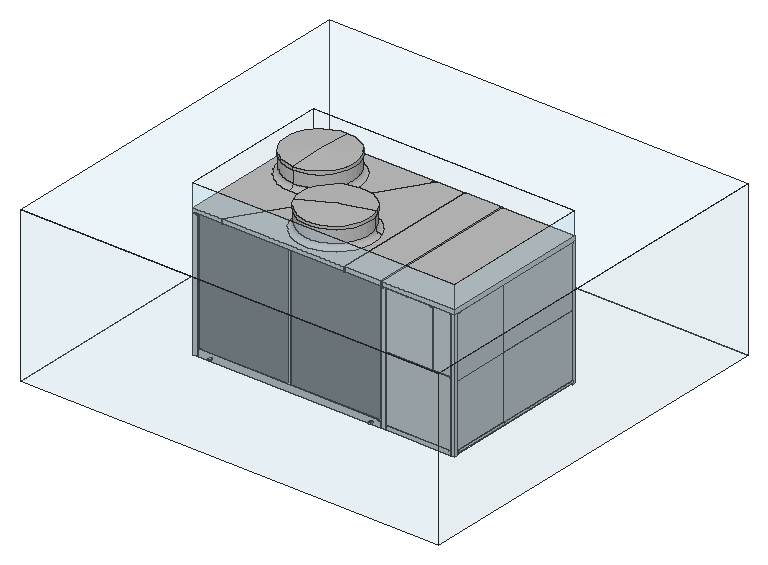
Revit family "VIESSMANN - Energycal AWH Pro AT 75-180", category Wyposażenie mechaniczne, Revit 2017
Family settings
  Wymiar okrągłego złącza = Użyj średnicy
  Typ części = Normalny
  Numer OmniClass = 23.75.10.21.11
  Tytuł OmniClass = Air-Source Heat Pumps
  Oparty na płaszczyźnie roboczej = Nie
  Zawsze pionowo = Tak
  Tnij formami wycięć po wczytaniu = Nie
  Współdzielony = Nie
  Punkt obliczania pomieszczeń = Nie
Parameters (values of type "Wielkość jednostki - 70")
  Zasilanie pomocnicze (V/ph/Hz) = "230/1N~/50+5%"
  Zasilanie elektryczne (V/ph/Hz) = "400/3N~/50+5%"
  Wysokość = 1958 mm
  Współczynnik mocy = 1  # constant formula
  Współczynnik efektywności [COP] (A7W45) = 3.45
  Viessmann Kolor 2 = Viessmann Kolor 3
  Viessmann Kolor 1 = Viessmann Kolor 2
  URL = "https://www.viessmann-projektant.pl/baza-urzadzen/pompy-ciepla-powietrzewoda-agregaty-wl-50-kw/energycal"
  Tył = 1654 mm
  Typ wymiennika po stronie grzewczej = "Plate exchanger"
  Typ wentylatora = "Osiowy"  # constant formula
  Typ sprężarki = "Reciprocating"
  TYP = AWH PRO AT EVO 75-125 : AWH PRO AT EVO 75-125
  Szerokość = 3312 mm
  Strefa serwisowa_wysokość = 1958 mm
  Strefa serwisowa_tył = 1000 mm
  Strefa serwisowa_szerokość = 1500 mm  # constant formula
  Strefa serwisowa_przód = 1000 mm
  Strefa serwisowa [instance] = yes
  Stopień wydajności = "4"
  Spadek ciśnienia wody (A7W45) = 17.0 kPa
  SCOP = 3.03
  Prąd nominalny wentylatora = 3.9 A  # constant formula
  Prąd nominalny silnika pompy obiegowej = 2.45 A
  Przód = 1671 mm
  Przepływ powietrza = 38500.0 m³/h
  Producent = "Viessmann Sp. z o.o"  # constant formula
  Połączenia hydrauliczne = 2"
  Poziom mocy akustycznej dB(A) = 91 mm
  Poziom mocy akustycznej - wersja super cicha SLN dB(A) = 87 mm
  Poziom mocy akustycznej - wersja cicha LN dB(A) = 89 mm
  Poziom ciśnienia akustycznego dB(A) = 59 mm
  Poziom ciśnienia akustycznego - wersja super cicha SLN dB(A) = 55 mm
  Poziom ciśnienia akustycznego - wersja cicha LN dB(A) = 57 mm
  Pojemność zbiornika buforowego = 250.00 m³
  Pobór mocy elektrycznej (A7W45) = 21.8 kW
  Opis = "Energycal AWH Pro AT to typoszereg wysokotemperaturowych pomp ciepła z czynnikiem chłodniczym R134a lub R513A osiągających na zasilaniu temperatury wody do 80°C."
  Obciążenie pozorne = Maksymalna moc pobierania / Współczynnik mocy  # 41000 VA
  Nominalna moc pompy = 1.4 kW
  Nominalna moc grzewcza (A7W45) = 75.2 kW
  Natężenie przepływu wody (A7W45) l/h = 12913
  Natężenie przepływu wody (A7W45) = [Natężenie przepływu wody (A7W45) l/h] / 3600 * 1.0 L/s  # 3.58694 L/s
  Napięcie zasilania = 400 V
  Naczynie wzbiorcze = 18.00 m³
  Model = "Powietrzna pompa ciepła Energycal AWH PRO AT / Air-water heat pump Energycal AWH PRO AT "  # constant formula
  Moc nominalna wentylatora = 1.6 kW  # constant formula
  Moc nominalna silnika pompy obiegowej = 1.35 kW
  Maksymalny prąd rozruchowy = 185.8 A
  Maksymalny pobór prądu = 98.8 A
  Maksymalna moc pobierania = 41 kW
  Liczba wentylatorów = 2
  Liczba biegunów = 3  # constant formula
  Klasa energetyczna = "A+"
  Ilość/Obiegi chłodnicze sprężarki (nr/nr) = "2/2"
  Głębokość = 1920 mm
  Efektywność sezonowa ηs = "118%"
  Częstotliwość = 50 Hz  # constant formula
  Ciśnienie podnoszenia pompy (A7W45) = 154.0 kPa
  Całkowite napełnienie olejem = 4.80 kg
  Całkowite napełnienie czynnikiem chłodniczym = 27.00 kg
  Autor = "www.archispace.pl"
Types (7, lengths in mm): name | Współczynnik efektywności [COP] (A7W45) | Tył | TYP | Szerokość | Spadek ciśnienia wody (A7W45) | SCOP | Prąd nominalny silnika pompy obiegowej | Przód | Przepływ powietrza | Połączenia hydrauliczne | Poziom mocy akustycznej dB(A) | Poziom mocy akustycznej - wersja super cicha SLN dB(A) | Poziom mocy akustycznej - wersja cicha LN dB(A) | Poziom ciśnienia akustycznego dB(A) | Poziom ciśnienia akustycznego - wersja super cicha SLN dB(A) | Poziom ciśnienia akustycznego - wersja cicha LN dB(A) | Pojemność zbiornika buforowego | Pobór mocy elektrycznej (A7W45) | Obciążenie pozorne | Nominalna moc pompy | Nominalna moc grzewcza (A7W45) | Natężenie przepływu wody (A7W45) l/h | Natężenie przepływu wody (A7W45) | Moc nominalna silnika pompy obiegowej | Maksymalny prąd rozruchowy | Maksymalny pobór prądu | Maksymalna moc pobierania | Liczba wentylatorów | Klasa energetyczna | Efektywność sezonowa ηs | Ciśnienie podnoszenia pompy (A7W45) | Całkowite napełnienie olejem | Całkowite napełnienie czynnikiem chłodniczym
  (no name) | 3.45 | 1654 | AWH PRO AT EVO 75-125 : AWH PRO AT EVO 75-125 | 3312 | 17.0 kPa | 3.03 | 2.45 A | 1671 | 38500.0 m³/h | 2" | 91 | 87 | 89 | 59 | 55 | 57 | 250.00 m³ | 21.8 kW | 41000 VA | 1.4 kW | 75.2 kW | 12913 | 3.58694 L/s | 1.35 kW | 185.8 A | 98.8 A | 41 kW | 2 | "A+" | "118%" | 154.0 kPa | 4.80 kg | 27.00 kg
  Wielkość jednostki - 70 | 3.45 | 1654 | AWH PRO AT EVO 75-125 : AWH PRO AT EVO 75-125 | 3312 | 17.0 kPa | 3.03 | 2.45 A | 1671 | 38500.0 m³/h | 2" | 91 | 87 | 89 | 59 | 55 | 57 | 250.00 m³ | 21.8 kW | 41000 VA | 1.4 kW | 75.2 kW | 12913 | 3.58694 L/s | 1.35 kW | 185.8 A | 98.8 A | 41 kW | 2 | "A+" | "118%" | 154.0 kPa | 4.80 kg | 27.00 kg
  Wielkość jednostki - 85 | 3.45 | 1654 | AWH PRO AT EVO 75-125 : AWH PRO AT EVO 75-125 | 3312 | 23.0 kPa | 3.02 | 3.15 A | 1671 | 40100.0 m³/h | 2" | 91 | 87 | 89 | 59 | 55 | 57 | 250.00 m³ | 21.8 kW | 49800 VA | 1.8 kW | 75.2 kW | 15347 | 4.26306 L/s | 1.73 kW | 188.8 A | 104.8 A | 49.8 kW | 2 | "A+" | "117.8 %" | 180.0 kPa | 4.80 kg | 27.00 kg
  Wielkość jednostki - 105 | 3.47 | 1655 | AWH PRO AT EVO 75-125 : AWH PRO AT EVO 75-125 | 3312 | 22.0 kPa | 2.95 | 3.15 A | 1655 | 40000.0 m³/h | 2" | 92 | 88 | 90 | 60 | 56 | 58 | 250.00 m³ | 31.6 kW | 59200 VA | 1.8 kW | 109.7 kW | 18982 | 5.27278 L/s | 1.73 kW | 237.8 A | 128.8 A | 59.2 kW | 2 | "A+" | "115.1 %" | 154.0 kPa | 9.50 kg | 33.00 kg
  Wielkość jednostki - 125 | 3.48 | 1655 | AWH PRO AT EVO 75-125 : AWH PRO AT EVO 75-125 | 3312 | 18.0 kPa | 3.21 | 4.53 A | 1670 | 42800.0 m³/h | 2" | 92 | 88 | 90 | 60 | 56 | 58 | 250.00 m³ | 36.4 kW | 70100 VA | 2.5 kW | 126.7 kW | 21942 | 6.095 L/s | 2.45 kW | 243.8 A | 140.8 A | 70.1 kW | 2 | "A++" | "125.6 %" | 170.0 kPa | 9.50 kg | 33.00 kg
  Wielkość jednostki - 145 | 3.19 | 1657 | AWH PRO AT EVO 145-180 : AWH PRO AT EVO 145-180 | 4410 | 19.0 kPa | 2.88 | 4.53 A | 2756 | 91100.0 m³/h | 2 1/2" | 93 | 89 | 91 | 61 | 57 | 59 | 450.00 m³ | 44.9 kW | 85900 VA | 2.5 kW | 143 kW | 24765 | 6.87917 L/s | 2.45 kW | 281.1 A | 167.6 A | 85.9 kW | 4 | "A+" | "112.4 %" | 156.0 kPa | 9.50 kg | 38.00 kg
  Wielkość jednostki - 180 | 3.41 | 1657 | AWH PRO AT EVO 145-180 : AWH PRO AT EVO 145-180 | 4410 | 21.0 kPa | 3.04 | 6.33 A | 2756 | 92500.0 m³/h | 2 1/2" | 93 | 89 | 91 | 61 | 57 | 59 | 450.00 m³ | 49.2 kW | 96700 VA | 3 kW | 167.7 kW | 29038 | 8.06611 L/s | 3 kW | 343.3 A | 203.6 A | 96.7 kW | 4 | "A+" | "118.6 %" | 185.0 kPa | 9.50 kg | 38.00 kg
Reference planes
  plane 1 "Środek (Przód/Tył)": y = 0
  plane 2: z = 0
  plane 3 "Środek (Lewa/Prawa)": x = 0
  plane 4: z = 1958
  plane 5: y = 1500
  plane 6: y = -1920
  plane 7: y = -3420
  plane 8: x = -1671
  plane 9: x = 2657
  plane 10: y = 1500
  plane 11: y = -3420
  plane 12: x = -1471
  plane 13: x = -1671
  plane 14: x = -1471
  plane 15: x = 1455
  plane 16: x = 1655
Forms (mm)
  Extrusion 1, solid, material "Viessmann Strefy Serwisowe", visible <- "Strefa serwisowa"
    sketch origin (0, 0, 0) x (0, 1, 0) y (0, 0, 1)
      loop
        line (1500, 1958) -> (0, 1958) -> (0, 0) -> (1500, 0) -> (1500, 1958)
      loop
        line (-3420, 0) -> (-1920, 0) -> (-1920, 1958) -> (-3420, 1958) -> (-3420, 0)
    from -1671 to 1657
  Extrusion 2, solid, material "Viessmann Strefy Serwisowe", visible <- "Strefa serwisowa"
    sketch origin (0, 0, 0) x (1, 0, 0) y (0, 1, 0)
      loop
        line (-1671, 1500) -> (-2671, 1500) -> (-2671, -3420) -> (-1671, -3420) -> (-1671, 1500)
      loop
        line (1655, 1500) -> (1655, -3420) -> (2657, -3420) -> (2657, 1500) -> (1655, 1500)
    from 0 to 1958
  Extrusion 3, solid, not visible
    sketch origin (0, 0, 0) x (0, 1, 0) y (0, 0, 1)
      loop
        circle (-604, 1437) r 45
      loop
        circle (-604, 1047) r 45
      loop
        circle (-604, 241) r 45
    from -1471 to -1671
  Extrusion 4, solid, not visible
    sketch origin (0, 0, 0) x (0, 1, 0) y (0, 0, 1)
      loop
        circle (-960, 1107.75) r 60
      loop
        circle (-960, 716.632) r 60
    from 1455 to 1655
Cuts and joins
  joined: Extrusion 1, Extrusion 2
Dimensions and locks
  "Wysokość": plane 4 to level
  locked: plane 5 to plane 1 "Środek (Przód/Tył)" at 1500
  locked: plane 6 to plane 7 at 1500
  "Głębokość": plane 1 "Środek (Przód/Tył)" to plane 6
  "Głębokość": plane 6 to plane 1 "Środek (Przód/Tył)"
  "Przód": plane 8 to plane 3 "Środek (Lewa/Prawa)"
  plane 11 to plane 6 = 1500 mm
  plane 1 "Środek (Przód/Tył)" to plane 10 = 1500 mm
  plane 4 to level = 1958 mm
  locked: plane 12 to plane 8 at 200
  plane 14 to plane 13 = 200 mm
  plane 13 to plane 8 = 0 mm
  locked: plane 16 to plane 15 at 200
  aligned and locked: level to plane 2
  aligned and locked: Extrusion 1 sketch curve to plane 4
  aligned and locked: Extrusion 1 sketch curve to plane 5
  aligned and locked: Extrusion 1 sketch curve to level
  aligned and locked: plane 7 to Extrusion 1 sketch curve
  aligned and locked: plane 8 to Extrusion 1
  aligned and locked: plane 8 to Extrusion 2 sketch curve
  aligned and locked: Extrusion 2 sketch curve to plane 9
  aligned and locked: plane 1 "Środek (Przód/Tył)" to cut or joined group of Extrusion 1, Extrusion 2
  aligned and locked: cut or joined group of Extrusion 1, Extrusion 2 to plane 6
  aligned and locked: plane 8 to Extrusion 3
  aligned and locked: plane 12 to Extrusion 3
  aligned and locked: Extrusion 4 to plane 15
  aligned and locked: plane 16 to cut or joined group of Extrusion 1, Extrusion 2
  aligned and locked: plane 16 to Extrusion 4
Automatic sketch dimensions
  Extrusion 2 sketch curve to plane 5 = 0 mm
  Extrusion 2 sketch curve to plane 7 = 0 mm
  plane 5 to Extrusion 2 sketch curve = 0 mm
  plane 7 to Extrusion 2 sketch curve = 0 mm
  Extrusion 1 sketch curve to plane 4 = 0 mm
  Extrusion 1 sketch curve to plane 6 = 0 mm
  Extrusion 1 sketch curve to plane 1 "Środek (Przód/Tył)" = 0 mm
  level to Extrusion 1 sketch curve = 0 mm
  plane 1 "Środek (Przód/Tył)" to Extrusion 3 sketch curve = 604 mm  (x2)
  Extrusion 3 sketch curve to plane 4 = 521 mm
  Extrusion 3 sketch curve to Extrusion 3 sketch curve = 45 mm  (x3)
  Extrusion 3 sketch curve to Extrusion 3 sketch curve = 0 mm
  Extrusion 3 sketch curve to Extrusion 3 sketch curve = 390 mm
  Extrusion 2 sketch curve to plane 8 = 1000 mm
  level to Extrusion 3 sketch curve = 241 mm
  plane 1 "Środek (Przód/Tył)" to Extrusion 4 sketch curve = 960 mm
  Extrusion 4 sketch curve to Extrusion 4 sketch curve = 0 mm
  level to Extrusion 4 sketch curve = 716.632 mm
  Extrusion 4 sketch curve to Extrusion 4 sketch curve = 391.118 mm
  plane 15 to Extrusion 2 sketch curve = 200 mm
  radius of Extrusion 4 sketch curve = 60 mm  (x2)
Nested families
  nested 1: "AWH PRO AT EVO 75-125" at (0, 30, 0), type <- "TYP", type "AWH PRO AT EVO 75-125"
Connectors
  piping at (-1671, -604, 1437), diameter 50.8, driven by "Połączenia hydrauliczne", driven by "Natężenie przepływu wody (A7W45)"
    settings: on Extrusion 3, index 1, connector inside diameter 24", connector length 0 mm, flow factor 0, pipe flow 3.58694 L/s, pressure drop 0.0 Pa, fitting loss kfactor 0, connector angle 0.00°, fixture units 0, engagement length 0 mm, angle of deflection 0.00°, flow configuration 1, flow direction 2, fitting loss method 0, system type 7, joint type 0, gender type 0, connector reference index -1, connector utility 0, adjustable connector no, is connector primary yes, connector description ""
  piping at (-1671, -604, 1047), diameter 50.8, driven by "Połączenia hydrauliczne", driven by "Natężenie przepływu wody (A7W45)"
    settings: on Extrusion 3, index 2, connector inside diameter 24", connector length 0 mm, flow factor 0, pipe flow 3.58694 L/s, pressure drop 0.0 Pa, fitting loss kfactor 0, connector angle 0.00°, fixture units 0, engagement length 0 mm, angle of deflection 0.00°, flow configuration 1, flow direction 2, fitting loss method 0, system type 7, joint type 0, gender type 0, connector reference index -1, connector utility 0, adjustable connector no, is connector primary no, connector description ""
  piping at (-1671, -604, 241), diameter 50.8, driven by "Połączenia hydrauliczne", driven by "Natężenie przepływu wody (A7W45)"
    settings: on Extrusion 3, index 3, connector inside diameter 24", connector length 0 mm, flow factor 0, pipe flow 3.58694 L/s, pressure drop 0.0 Pa, fitting loss kfactor 0, connector angle 0.00°, fixture units 0, engagement length 0 mm, angle of deflection 0.00°, flow configuration 1, flow direction 1, fitting loss method 0, system type 8, joint type 0, gender type 0, connector reference index -1, connector utility 0, adjustable connector no, is connector primary no, connector description ""
  electrical at (1655, -960, 1107.75)
    settings: on Extrusion 4, index 4, voltage 0 V, apparent load 0 VA, apparent load phase1 0 VA, apparent load phase2 0 VA, apparent load phase3 0 VA, power factor 1, load classification "Inne", number of poles 1, system type 13, power factor state 1, is connector primary yes, connector utility no, sub classification motor no, connector description ""
  electrical at (1655, -960, 716.632), driven by "Współczynnik mocy", driven by "Napięcie zasilania", driven by "Obciążenie pozorne", driven by "Liczba biegunów", driven by "Obciążenie pozorne"
    settings: on Extrusion 4, index 5, voltage 400 V, apparent load 41000 VA, apparent load phase1 41000 VA, apparent load phase2 0 VA, apparent load phase3 0 VA, power factor 1, load classification "Moc", number of poles 3, system type 30, power factor state 1, is connector primary no, connector utility no, sub classification motor no, connector description ""
Definition of nested family "AWH PRO AT EVO 75-125"
  Parameters
    Wysokość = 1957 mm
    URL = ""
    Szerokość = 1920 mm
    Manufacturer = ""
    Podłączenie Uout wysokość = 1437 mm
    Podłączenie B Uin wysokość = 241 mm
    Podłączenie A Uin wysokość = 1047 mm
    Description = ""
    Model = ""
    Materiał2 = none
    Materiał = none
    Długość = 3310 mm
  Reference planes
    plane 1 "Środek (Przód/Tył)": y = -30
    plane 2: z = 0
    plane 3 "Środek (Lewa/Prawa)": x = 0
    plane 4: y = -1950
    plane 5: z = 1675
    plane 6: x = 1655
    plane 7: x = -1655
    plane 8: x = -1615
    plane 9: x = 1615
    plane 10: z = 1957
    plane 11: y = -615.668
    plane 12: y = -1393.311
  Forms (mm)
    Extrusion 1, solid, material <- "Materiał", detail levels fine
      sketch origin (0, -734, 0) x (1, 0, 0) y (0, 1, 0)
        loop
          line (-1671, 704) -> (-1671, -1216) -> (1655, -1216) -> (1655, 704) -> (-1671, 704)
      from 0 to 1675
    Extrusion 2, void
      sketch origin (0, -734, 0) x (1, 0, 0) y (0, 1, 0)
        loop
          line (1655, 664) -> (-1655, 664) -> (-1655, -1176) -> (1655, -1176) -> (1655, 664)
      from 0 to 20
    Extrusion 3, solid, material <- "Materiał", detail levels coarse
      sketch origin (0, 0, 0) x (1, 0, 0) y (0, 1, 0)
        loop
          line (-1655, -30) -> (-1655, -1950) -> (1655, -1950) -> (1655, -30) -> (-1655, -30)
      from 0 to 1675
    Extrusion 4, solid, material <- "Materiał", detail levels medium
      sketch origin (0, -30, 0) x (1, 0, 0) y (0, 0, 1)
        loop
          line (-1655, 1675) -> (-1655, 0) -> (1655, 0) -> (1655, 1675) -> (-1655, 1675)
      from 0 to 1920
    Extrusion 5, void
      sketch origin (1375.5, -1104, 0) x (0, 1, 0) y (0, 0, 1)
        loop
          line (1074, 1614.991) -> (1074, 1621.991) -> (-846, 1621.991) -> (-846, 1614.991) -> (-806, 1614.991) -> (-806, 843) -> (-806, 50.017) -> (-806, 0) -> (-799, 0) -> (-799, 50.017) -> (-66, 50.017) -> (1027, 50.017) -> (1027, 0) -> (1034, 0) -> (1034, 57.017) -> (1034, 843) -> (1034, 1614.991) -> (1074, 1614.991)
        loop
          line (1027, 1614.991) -> (-66, 1614.991) -> (-66, 850) -> (1027, 850) -> (1027, 1614.991)
        loop
          line (1027, 843) -> (-66, 843) -> (-66, 57.017) -> (1027, 57.017) -> (1027, 843)
        loop
          line (-73, 850) -> (-73, 1614.991) -> (-799, 1614.991) -> (-799, 850) -> (-73, 850)
        loop
          line (-73, 57.017) -> (-73, 843) -> (-799, 843) -> (-799, 57.017) -> (-73, 57.017)
      from 276.965 to 279.5
    Extrusion 6, void
      sketch origin (0, -30, 0) x (1, 0, 0) y (0, 0, 1)
        loop
          line (720.82, 1621.991) -> (-1605, 1621.991) -> (-1605, 90.017) -> (720.82, 90.017) -> (720.82, 1621.991)
      from 1900 to 1920
    Extrusion 7, solid, material <- "Materiał2", detail levels fine
      sketch origin (0, -1238, 0) x (1, 0, 0) y (0, 0, -1)
        loop
          line (-1605, -1621.991) -> (720.82, -1621.991) -> (720.82, -90.017) -> (-1605, -90.017) -> (-1605, -1621.991)
      from 1188 to 1204
    Extrusion 8, void
      sketch origin (677.48, 345.98, 0) x (1, 0, 0) y (0, 0, 1)
        loop
          line (103.34, 7) -> (103.34, 1614.991) -> (50.34, 1614.991) -> (50.34, 895) -> (50.34, 7) -> (103.34, 7)
        loop
          line (935, 0) -> (935, 1614.991) -> (977.448, 1614.991) -> (977.448, 1621.991) -> (43.34, 1621.991) -> (43.34, 90.017) -> (-2282.48, 90.017) -> (-2282.48, 1621.991) -> (-2332.48, 1621.991) -> (-2332.48, 1614.991) -> (-2289.48, 1614.991) -> (-2289.48, 0) -> (-2282.48, 0) -> (-2282.48, 83.017) -> (43.34, 83.017) -> (43.34, 0) -> (80.34, 0) -> (110.34, 0) -> (110.34, 50.017) -> (928, 50.017) -> (928, 0) -> (935, 0)
        loop
          line (928, 1614.991) -> (110.34, 1614.991) -> (110.34, 895) -> (928, 895) -> (928, 1614.991)
        loop
          line (928, 888) -> (110.34, 888) -> (110.34, 57.017) -> (928, 57.017) -> (928, 888)
      from 375.98 to 378.5
    Extrusion 9, solid, material <- "Materiał", detail levels fine
      sketch origin (0, 0, 0) x (0, 1, 0) y (0, 0, 1)
        loop
          circle (-634, 241) r 45
        loop
          circle (-634, 1437) r 45
        loop
          circle (-634, 1047) r 45
      from -1680.857 to -1671
    Extrusion 10, void
      sketch origin (0, -1230.786, 0) x (1, 0, 0) y (0, 0, -1)
        loop
          line (720.82, -1621.991) -> (720.82, -90.017) -> (-1605, -90.017) -> (-1605, -1621.991) -> (720.82, -1621.991)
      from 1180.923 to 1200.923
    Extrusion 11, solid, material <- "Materiał", detail levels fine
      sketch origin (0, 0, 0) x (1, 0, 0) y (0, 1, 0)
        loop
          line (-427.09, -49.862) -> (-427.09, -32.52) -> (-457.09, -32.52) -> (-457.09, -49.862) -> (-427.09, -49.862)
        loop
          line (-427.09, -1930.138) -> (-457.09, -1930.138) -> (-457.09, -1947.48) -> (-427.09, -1947.48) -> (-427.09, -1930.138)
      from 90.017 to 1621.991
    Extrusion 12, void
      sketch origin (-275.5, -1104, 0) x (0, 1, 0) y (0, 0, -1)
        loop
          line (-806, 0) -> (-806, -1614.991) -> (-846, -1614.991) -> (-846, -1621.991) -> (1074, -1621.991) -> (1074, -1614.991) -> (1034, -1614.991) -> (1034, 0) -> (1027, 0) -> (1027, -50.017) -> (519.076, -50.017) -> (519.076, -20) -> (419.076, -20) -> (419.076, -50.017) -> (-191.076, -50.017) -> (-191.076, -20) -> (-291.076, -20) -> (-291.076, -50.017) -> (-799, -50.017) -> (-799, 0) -> (-806, 0)
        loop
          line (1027, -1614.991) -> (1027, -57.017) -> (519.076, -57.017) -> (519.076, -1614.991) -> (1027, -1614.991)
        loop
          line (-799, -57.017) -> (-799, -1614.991) -> (-291.076, -1614.991) -> (-291.076, -57.017) -> (-799, -57.017)
        loop
          line (419.076, -1614.991) -> (419.076, -57.017) -> (-191.076, -57.017) -> (-191.076, -1614.991) -> (419.076, -1614.991)
      from 1393 to 1395.5
    Extrusion 13, solid, material <- "Materiał2", detail levels fine
      sketch origin (0, -740, 0) x (1, 0, 0) y (0, 0, 1)
        loop
          line (-1605, 1621.991) -> (-1605, 90.017) -> (720.82, 90.017) -> (720.82, 1621.991) -> (-1605, 1621.991)
      from 1190 to 1206
    Extrusion 14, solid, material <- "Materiał", detail levels fine
      sketch origin (0, -1950, 0) x (1, 0, 0) y (0, 0, -1)
        loop
          circle (-1443.46, -29.398) r 15
        loop
          circle (597.54, -29.398) r 15
      from -26 to 0.02
    Extrusion 15, void
      sketch origin (677.48, -2295.299, 0) x (1, 0, 0) y (0, 0, -1)
        loop
          line (103.34, -7) -> (50.34, -7) -> (50.34, -895) -> (50.34, -1614.991) -> (103.34, -1614.991) -> (103.34, -7)
        loop
          line (935, 0) -> (928, 0) -> (928, -50.017) -> (110.34, -50.017) -> (110.34, 0) -> (80.34, 0) -> (43.34, 0) -> (43.34, -83.017) -> (-2282.48, -83.017) -> (-2282.48, 0) -> (-2289.48, 0) -> (-2289.48, -1614.991) -> (-2348.48, -1614.991) -> (-2348.48, -1621.991) -> (-2282.48, -1621.991) -> (-2282.48, -90.017) -> (43.34, -90.017) -> (43.34, -1621.991) -> (977.448, -1621.991) -> (977.448, -1614.991) -> (935, -1614.991) -> (935, 0)
        loop
          line (928, -1614.991) -> (928, -895) -> (708, -895) -> (708, -1614.991) -> (928, -1614.991)
        loop
          line (928, -888) -> (928, -57.017) -> (110.34, -57.017) -> (110.34, -888) -> (928, -888)
        loop
          line (110.34, -895) -> (110.34, -1614.991) -> (701, -1614.991) -> (701, -895) -> (110.34, -895)
      from 345.299 to 347.799
    Extrusion 16, void
      sketch origin (0, -30, 0) x (1, 0, 0) y (0, 0, 1)
        loop
          line (250.82, 1675) -> (250.82, 1672.494) -> (257.82, 1672.494) -> (257.82, 1675) -> (250.82, 1675)
        loop
          line (720.82, 1675) -> (720.82, 1672.494) -> (727.82, 1672.494) -> (727.82, 1675) -> (720.82, 1675)
      from 0 to 1920
    Extrusion 17, void
      sketch origin (0, 0, 0) x (1, 0, 0) y (0, 1, 0)
        loop
          line (-1302, -1950) -> (-102.18, -30) -> (-110.434, -30) -> (-1310.254, -1950) -> (-1302, -1950)
      from 1672.5 to 1675
    Revolve 18, solid, material <- "Materiał", detail levels fine
      sketch origin (280.231, -1155.824, 0) x (0.927184, 0.374607, 0) y (0, 0, -1)
        loop
          line (-634, -1675) -> (-634, -1957)
          arc (-634, -1957) -> (-418.189, -1953.468) -> (-203, -1936.72) r 3521.289
          line (-203, -1936.72) -> (-203, -1900) -> (-213, -1900) -> (-213, -1740)
          arc (-213, -1740) -> (-196.212, -1696.267) -> (-154.474, -1675) r 65.358
          line (-154.474, -1675) -> (-634, -1675)
        axis (-634, -1957) -> (-634, -1675)
      angle from 0 to 360
    Revolve 19, solid, material <- "Materiał", detail levels fine
      sketch origin (-1110.897, 18.373, 0) x (0.014791, 0.999891, 0) y (0, 0, 1)
        loop
          line (-634, 1675) -> (-154.474, 1675)
          arc (-154.474, 1675) -> (-196.212, 1696.267) -> (-213, 1740) r 65.358
          line (-213, 1740) -> (-213, 1900) -> (-203, 1900) -> (-203, 1936.72)
          arc (-203, 1936.72) -> (-418.189, 1953.468) -> (-634, 1957) r 3521.289
          line (-634, 1957) -> (-634, 1675)
        axis (-634, 1957) -> (-634, 1675)
      angle from 0 to 360
    Extrusion 20, solid, detail levels fine
      sketch origin (0, -30, 0) x (1, 0, 0) y (0, 0, 1)
        loop
          circle (-1443.46, 29.398) r 15
        loop
          circle (597.54, 29.398) r 15
      from -26 to 0.02
    Revolve 21, solid, material <- "Materiał", detail levels medium
      sketch origin (-1120.276, 18.332, 45) x (0, 1, 0) y (0, 0, 1)
        loop
          line (-634, 1630) -> (-634, 1912) -> (-1065, 1912) -> (-1065, 1855) -> (-1055, 1855) -> (-1055, 1695) -> (-1113.526, 1630) -> (-634, 1630)
        axis (-634, 1912) -> (-634, 1630)
      angle from 0 to 360
    Revolve 22, solid, material <- "Materiał", detail levels medium
      sketch origin (-304.07, -759.311, 45) x (0, 1, 0) y (0, 0, -1)
        loop
          line (-634, -1630) -> (-1113.526, -1630) -> (-1055, -1695) -> (-1055, -1855) -> (-1065, -1855) -> (-1065, -1912) -> (-634, -1912) -> (-634, -1630)
        axis (-634, -1912) -> (-634, -1630)
      angle from 0 to 360
    Extrusion 23, solid, material <- "Materiał", detail levels coarse
      sketch origin (0, 0, 0) x (1, 0, 0) y (0, 1, 0)
        loop
          circle (-307.006, -1392.956) r 479.526
        loop
          circle (-1120.276, -615.668) r 479.526
      from 1675 to 1957
    Extrusion 24, solid, detail levels fine
      sketch origin (0, 0, 0) x (1, 0, 0) y (0, 1, 0)
        loop
          line (727.82, -1950) -> (727.82, -1947.48) -> (720.82, -1947.48) -> (720.82, -1950) -> (727.82, -1950)
        loop
          line (257.82, -1950) -> (257.82, -1947.5) -> (250.82, -1947.5) -> (250.82, -1950) -> (257.82, -1950)
        loop
          line (-1302, -1950) -> (-1300.425, -1947.48) -> (-1308.68, -1947.48) -> (-1310.254, -1950) -> (-1302, -1950)
        loop
          line (727.82, -30) -> (720.82, -30) -> (720.82, -32.5) -> (727.82, -32.5) -> (727.82, -30)
        loop
          line (257.82, -30) -> (250.82, -30) -> (250.82, -32.5) -> (257.82, -32.5) -> (257.82, -30)
        loop
          line (-102.18, -30) -> (-110.434, -30) -> (-112.069, -32.617) -> (-103.815, -32.617) -> (-102.18, -30)
      from 1621.991 to 1675
  Cuts and joins
    Extrusion 2, Extrusion 5, Extrusion 6, Extrusion 8, Extrusion 10, Extrusion 12, Extrusion 15, Extrusion 16, Extrusion 17 cuts Extrusion 1
    Extrusion 10, Extrusion 15 cuts Extrusion 9
    Extrusion 15 cuts Extrusion 11
    joined: Extrusion 1, Extrusion 9, Extrusion 11, Extrusion 14, Revolve 18, Revolve 19
    joined: Extrusion 4, Revolve 21, Revolve 22
  Dimensions and locks
    equal spacing: plane 7, plane 3 "Środek (Lewa/Prawa)", plane 6
    "Długość": plane 7 to plane 6
    locked: plane 7 to plane 8 at 40
    locked: plane 9 to plane 6 at 40
    "Wysokość": plane 10 to level
    "Szerokość": plane 1 "Środek (Przód/Tył)" to plane 4
    plane 5 to level = 1675 mm
    locked: plane 10 to plane 5 at 282
    "Podłączenie A Uin wysokość": Extrusion 9 sketch curve to level
    "Podłączenie Uout wysokość": Extrusion 9 sketch curve to level
    "Podłączenie B Uin wysokość": Extrusion 9 sketch curve to level
    aligned and locked: level to plane 2
    aligned and locked: Extrusion 1 to plane 1 "Środek (Przód/Tył)"
    aligned and locked: plane 5 to Extrusion 3
    aligned and locked: Extrusion 3 to level
    aligned and locked: Extrusion 4 to plane 1 "Środek (Przód/Tył)"
    aligned and locked: Extrusion 6 to plane 4
    aligned and locked: Extrusion 4 to plane 4
    aligned and locked: Extrusion 6 to Extrusion 11
    aligned and locked: Extrusion 5 to Extrusion 1
    aligned and locked: Extrusion 6 to Extrusion 8
    aligned and locked: Extrusion 10 to Extrusion 6
    aligned and locked: Extrusion 15 to plane 4
    aligned and locked: Extrusion 9 to Extrusion 1
    aligned and locked: Extrusion 1 to Extrusion 12
    aligned and locked: Extrusion 23 to cut or joined group of Extrusion 4, Revolve 21, Revolve 22
    aligned and locked: Extrusion 24 sketch curve to cut or joined group of Extrusion 1, Extrusion 2, Extrusion 5, Extrusion 6, Extrusion 8, Extrusion 9, Extrusion 10, Extrusion 11, Extrusion 12, Extrusion 14, Extrusion 15, Extrusion 16, Extrusion 17, Revolve 18, Revolve 19
  Automatic sketch dimensions
    Extrusion 1 sketch curve to plane 4 = 0 mm
    plane 1 "Środek (Przód/Tył)" to Extrusion 1 sketch curve = 0 mm
    Extrusion 1 sketch curve to plane 6 = 0 mm
    plane 7 to Extrusion 1 sketch curve = 16 mm
    Extrusion 2 sketch curve to plane 7 = 0 mm
    Extrusion 2 sketch curve to plane 6 = 0 mm
    plane 4 to Extrusion 2 sketch curve = 40 mm
    plane 1 "Środek (Przód/Tył)" to Extrusion 2 sketch curve = 40 mm
    Extrusion 3 sketch curve to plane 4 = 0 mm
    Extrusion 3 sketch curve to plane 7 = 0 mm
    Extrusion 3 sketch curve to plane 6 = 0 mm
    plane 1 "Środek (Przód/Tył)" to Extrusion 3 sketch curve = 0 mm
    Extrusion 4 sketch curve to level = 0 mm
    plane 7 to Extrusion 4 sketch curve = 0 mm
    Extrusion 4 sketch curve to plane 5 = 0 mm
    Extrusion 4 sketch curve to plane 6 = 0 mm
    Extrusion 5 sketch curve to plane 4 = 0 mm
    Extrusion 5 sketch curve to level = 0 mm  (x2)
    Extrusion 5 sketch curve to plane 1 "Środek (Przód/Tył)" = 0 mm
    plane 4 to Extrusion 5 sketch curve = 40 mm
    Extrusion 5 sketch curve to Extrusion 5 sketch curve = 7 mm  (x9)
    Extrusion 5 sketch curve to Extrusion 5 sketch curve = 0 mm  (x12)
    Extrusion 5 sketch curve to plane 5 = 60.009 mm
    Extrusion 5 sketch curve to Extrusion 5 sketch curve = 726 mm
    plane 1 "Środek (Przód/Tył)" to Extrusion 5 sketch curve = 47 mm  (x2)
    level to Extrusion 5 sketch curve = 50.017 mm
    Extrusion 5 sketch curve to Extrusion 5 sketch curve = 771.991 mm
    Extrusion 5 sketch curve to Extrusion 5 sketch curve = 785.983 mm
    plane 8 to Extrusion 6 sketch curve = 10 mm
    level to Extrusion 6 sketch curve = 90.017 mm
    plane 3 "Środek (Lewa/Prawa)" to Extrusion 6 sketch curve = 720.82 mm
    Extrusion 6 sketch curve to plane 5 = 53.009 mm
    plane 8 to Extrusion 7 sketch curve = 10 mm
    level to Extrusion 7 sketch curve = 90.017 mm
    plane 3 "Środek (Lewa/Prawa)" to Extrusion 7 sketch curve = 720.82 mm
    Extrusion 7 sketch curve to plane 5 = 53.009 mm
    Extrusion 8 sketch curve to plane 7 = 0 mm
    Extrusion 8 sketch curve to level = 0 mm  (x3)
    plane 8 to Extrusion 8 sketch curve = 3 mm
    plane 8 to Extrusion 8 sketch curve = 10 mm
    Extrusion 8 sketch curve to Extrusion 8 sketch curve = 0 mm  (x5)
    plane 3 "Środek (Lewa/Prawa)" to Extrusion 8 sketch curve = 720.82 mm  (x2)
    Extrusion 8 sketch curve to plane 5 = 53.009 mm
    Extrusion 8 sketch curve to Extrusion 8 sketch curve = 7 mm  (x7)
    Extrusion 8 sketch curve to Extrusion 8 sketch curve = 30 mm
    Extrusion 8 sketch curve to Extrusion 8 sketch curve = 53 mm
    Extrusion 8 sketch curve to Extrusion 8 sketch curve = 60 mm
    Extrusion 8 sketch curve to plane 9 = 9.52 mm  (x2)
    Extrusion 8 sketch curve to plane 9 = 2.52 mm
    plane 6 to Extrusion 8 sketch curve = 0.072 mm
    level to Extrusion 8 sketch curve = 7 mm
    Extrusion 8 sketch curve to Extrusion 8 sketch curve = 43.017 mm
    level to Extrusion 8 sketch curve = 83.017 mm
    Extrusion 8 sketch curve to Extrusion 8 sketch curve = 733.991 mm
    Extrusion 8 sketch curve to plane 5 = 60.009 mm  (x2)
    plane 8 to Extrusion 10 sketch curve = 10 mm
    level to Extrusion 10 sketch curve = 90.017 mm
    plane 3 "Środek (Lewa/Prawa)" to Extrusion 10 sketch curve = 720.82 mm
    Extrusion 10 sketch curve to plane 5 = 53.009 mm
    plane 4 to Extrusion 11 sketch curve = 2.52 mm
    Extrusion 11 sketch curve to plane 3 "Środek (Lewa/Prawa)" = 457.09 mm  (x2)
    plane 1 "Środek (Przód/Tył)" to Extrusion 11 sketch curve = 19.862 mm
    Extrusion 11 sketch curve to Extrusion 11 sketch curve = 30 mm  (x2)
    Extrusion 11 sketch curve to Extrusion 11 sketch curve = 17.342 mm
    plane 1 "Środek (Przód/Tył)" to Extrusion 11 sketch curve = 2.52 mm
    Extrusion 12 sketch curve to plane 4 = 0 mm
    Extrusion 12 sketch curve to level = 0 mm  (x2)
    Extrusion 12 sketch curve to plane 1 "Środek (Przód/Tył)" = 0 mm
    plane 4 to Extrusion 12 sketch curve = 40 mm
    plane 4 to Extrusion 12 sketch curve = 47 mm
    Extrusion 12 sketch curve to Extrusion 12 sketch curve = 0 mm  (x7)
    Extrusion 12 sketch curve to plane 5 = 60.009 mm  (x4)
    Extrusion 12 sketch curve to Extrusion 12 sketch curve = 507.924 mm
    level to Extrusion 12 sketch curve = 20 mm  (x2)
    Extrusion 12 sketch curve to Extrusion 12 sketch curve = 100 mm  (x2)
    level to Extrusion 12 sketch curve = 57.017 mm  (x2)
    Extrusion 12 sketch curve to Extrusion 12 sketch curve = 610.151 mm
    plane 1 "Środek (Przód/Tył)" to Extrusion 12 sketch curve = 47 mm
    Extrusion 12 sketch curve to Extrusion 12 sketch curve = 7 mm  (x5)
    Extrusion 12 sketch curve to Extrusion 12 sketch curve = 37.017 mm
    plane 8 to Extrusion 13 sketch curve = 10 mm
    level to Extrusion 13 sketch curve = 90.017 mm
    plane 3 "Środek (Lewa/Prawa)" to Extrusion 13 sketch curve = 720.82 mm
    Extrusion 13 sketch curve to plane 5 = 53.009 mm
    level to Extrusion 14 sketch curve = 29.398 mm  (x2)
    plane 8 to Extrusion 14 sketch curve = 171.54 mm
    plane 3 "Środek (Lewa/Prawa)" to Extrusion 14 sketch curve = 597.54 mm
    plane 7 to Extrusion 15 sketch curve = 16 mm
    Extrusion 15 sketch curve to level = 0 mm  (x3)
    plane 8 to Extrusion 15 sketch curve = 3 mm
    plane 8 to Extrusion 15 sketch curve = 10 mm
    Extrusion 15 sketch curve to Extrusion 15 sketch curve = 7 mm  (x11)
    Extrusion 15 sketch curve to plane 5 = 53.009 mm  (x2)
    plane 3 "Środek (Lewa/Prawa)" to Extrusion 15 sketch curve = 720.82 mm
    Extrusion 15 sketch curve to Extrusion 15 sketch curve = 0 mm  (x5)
    Extrusion 15 sketch curve to Extrusion 15 sketch curve = 30 mm
    level to Extrusion 15 sketch curve = 7 mm
    Extrusion 15 sketch curve to Extrusion 15 sketch curve = 23 mm
    Extrusion 15 sketch curve to Extrusion 15 sketch curve = 60 mm
    Extrusion 15 sketch curve to plane 5 = 60.009 mm
    Extrusion 15 sketch curve to plane 9 = 236.52 mm
    Extrusion 15 sketch curve to plane 9 = 9.52 mm  (x2)
    Extrusion 15 sketch curve to plane 9 = 2.52 mm
    plane 6 to Extrusion 15 sketch curve = 0.072 mm
    Extrusion 15 sketch curve to Extrusion 15 sketch curve = 719.991 mm
    Extrusion 15 sketch curve to Extrusion 15 sketch curve = 83.017 mm
    Extrusion 15 sketch curve to Extrusion 15 sketch curve = 50.017 mm
    Extrusion 16 sketch curve to plane 5 = 0 mm  (x2)
    Extrusion 16 sketch curve to plane 5 = 2.506 mm  (x2)
    plane 3 "Środek (Lewa/Prawa)" to Extrusion 16 sketch curve = 250.82 mm
    Extrusion 16 sketch curve to Extrusion 16 sketch curve = 7 mm  (x2)
    Extrusion 16 sketch curve to Extrusion 16 sketch curve = 463 mm
    plane 5 to Revolve 18 sketch curve = 0 mm  (x2)
    plane 10 to Revolve 18 sketch curve = 0 mm  (x2)
    Revolve 18 sketch curve to level = 1563.929 mm
    Revolve 18 sketch curve to Revolve 18 sketch curve = 50.304 mm
    Revolve 18 sketch curve to plane 10 = 57 mm
    Revolve 18 sketch curve to Revolve 18 sketch curve = 421 mm
    Revolve 18 sketch curve to Revolve 18 sketch curve = 10 mm
    Revolve 18 sketch curve to Revolve 18 sketch curve = 58.526 mm
    plane 5 to Revolve 18 sketch curve = 65 mm
    Revolve 18 sketch curve to Revolve 18 sketch curve = 0 mm
    Revolve 19 sketch curve to plane 5 = 0 mm  (x2)
    Revolve 19 sketch curve to plane 10 = 0 mm  (x2)
    Revolve 19 sketch curve to level = 1563.929 mm
    Revolve 19 sketch curve to Revolve 19 sketch curve = 50.304 mm
    Revolve 19 sketch curve to plane 10 = 57 mm
    Revolve 19 sketch curve to Revolve 19 sketch curve = 421 mm
    Revolve 19 sketch curve to Revolve 19 sketch curve = 10 mm
    Revolve 19 sketch curve to Revolve 19 sketch curve = 58.526 mm
    plane 5 to Revolve 19 sketch curve = 65 mm
    Revolve 19 sketch curve to Revolve 19 sketch curve = 0 mm
    level to Extrusion 20 sketch curve = 29.398 mm  (x2)
    plane 8 to Extrusion 20 sketch curve = 171.54 mm
    plane 3 "Środek (Lewa/Prawa)" to Extrusion 20 sketch curve = 597.54 mm
    Revolve 21 sketch curve to plane 5 = 0 mm  (x2)
    Revolve 21 sketch curve to plane 10 = 0 mm  (x2)
    Revolve 21 sketch curve to plane 11 = 0 mm  (x2)
    plane 5 to Revolve 21 sketch curve = 65 mm
    Revolve 21 sketch curve to plane 11 = 421 mm
    Revolve 21 sketch curve to Revolve 21 sketch curve = 10 mm
    Revolve 21 sketch curve to Revolve 21 sketch curve = 58.526 mm
    Revolve 21 sketch curve to plane 10 = 57 mm
    plane 1 "Środek (Przód/Tył)" to Extrusion 17 sketch curve = 0 mm
    Extrusion 17 sketch curve to plane 4 = 0 mm
    Extrusion 17 sketch curve to plane 3 "Środek (Lewa/Prawa)" = 110.434 mm
    Extrusion 17 sketch curve to Extrusion 17 sketch curve = 8.254 mm  (x2)
    plane 8 to Extrusion 17 sketch curve = 313 mm
    Extrusion 23 sketch curve to Extrusion 23 sketch curve = 0 mm  (x4)
    plane 8 to Extrusion 23 sketch curve = 494.724 mm
    Extrusion 23 sketch curve to plane 3 "Środek (Lewa/Prawa)" = 307.006 mm
    plane 4 to Extrusion 23 sketch curve = 557.044 mm
    plane 1 "Środek (Przód/Tył)" to Extrusion 23 sketch curve = 585.668 mm
    Extrusion 23 sketch curve to Extrusion 23 sketch curve = 456.057 mm
    plane 3 "Środek (Lewa/Prawa)" to Extrusion 23 sketch curve = 149.051 mm
    plane 4 to Extrusion 23 sketch curve = 408.862 mm
    Extrusion 23 sketch curve to Extrusion 23 sketch curve = 479.526 mm
    Revolve 22 sketch curve to plane 5 = 0 mm  (x2)
    Revolve 22 sketch curve to plane 10 = 0 mm  (x2)
    Revolve 22 sketch curve to plane 12 = 0 mm  (x2)
    plane 5 to Revolve 22 sketch curve = 65 mm
    plane 4 to Revolve 22 sketch curve = 135.689 mm
    Revolve 22 sketch curve to Revolve 22 sketch curve = 10 mm
    Revolve 22 sketch curve to Revolve 22 sketch curve = 58.526 mm
    Revolve 22 sketch curve to plane 10 = 57 mm
    Extrusion 24 sketch curve to plane 4 = 0 mm  (x2)
    plane 1 "Środek (Przód/Tył)" to Extrusion 24 sketch curve = 0 mm  (x3)
    plane 8 to Extrusion 24 sketch curve = 304.746 mm
    plane 4 to Extrusion 24 sketch curve = 2.52 mm  (x2)
    Extrusion 24 sketch curve to Extrusion 24 sketch curve = 1.575 mm  (x2)
    Extrusion 24 sketch curve to Extrusion 24 sketch curve = 6.68 mm
    plane 1 "Środek (Przód/Tył)" to Extrusion 24 sketch curve = 2.617 mm
    Extrusion 24 sketch curve to plane 3 "Środek (Lewa/Prawa)" = 112.069 mm
    Extrusion 24 sketch curve to Extrusion 24 sketch curve = 1.635 mm  (x2)
    Extrusion 24 sketch curve to Extrusion 24 sketch curve = 6.619 mm
    plane 4 to Extrusion 24 sketch curve = 2.5 mm
    plane 3 "Środek (Lewa/Prawa)" to Extrusion 24 sketch curve = 250.82 mm  (x2)
    plane 1 "Środek (Przód/Tył)" to Extrusion 24 sketch curve = 2.5 mm  (x2)
    Extrusion 24 sketch curve to Extrusion 24 sketch curve = 7 mm  (x4)
    Extrusion 24 sketch curve to Extrusion 24 sketch curve = 463 mm  (x2)
    plane 1 "Środek (Przód/Tył)" to Extrusion 9 sketch curve = 604 mm  (x2)
    Extrusion 9 sketch curve to Extrusion 9 sketch curve = 0 mm
    radius of Extrusion 14 sketch curve = 15 mm  (x2)
    radius of Extrusion 20 sketch curve = 15 mm  (x2)
    radius of Extrusion 9 sketch curve = 45 mm  (x3)
